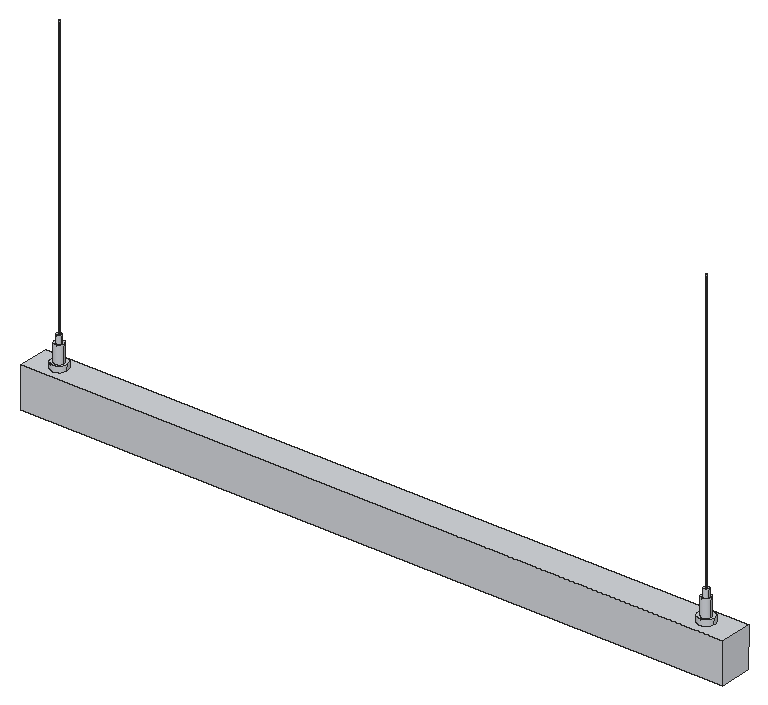
Revit family "TECHOLED BX2 SERIES LIGHTING FIXTURE", category Lighting Fixtures, Revit 2019
Family settings
  Round Connector Dimension = Use Diameter
  Part Type = Normal
  OmniClass Number = 23.80.70.00
  OmniClass Title = Lighting
  Work Plane-Based = No
  Always vertical = Yes
  Cut with Voids When Loaded = No
  Light Source = Yes
  Shared = No
  Room Calculation Point = No
Parameters (values of type "TechoLED-BX-2-D-4-31-30-U-D")
  Wattage Comments = "18W"
  Wattage = 12.1178 W
  built-in parameter 1150110 = 1 (stored number, unit not read)
  Type Comments = "TechoLED-BX2"
  built-in parameter 1114217 = 1 (stored number, unit not read)
  built-in parameter 1150109 = 1 (stored number, unit not read)
  built-in parameter 1150134 = (empty or 0)
  built-in parameter 1150113 = 1 (stored number, unit not read)
  String Length = 2' - 0"
  Model = "TechoLED-BX-2-D-4-18-35-U-W-P-D"
  Manufacturer = "TechoLED"
  Lumens = 1800 lm
  built-in parameter 1150115 = 1 (stored number, unit not read)
  built-in parameter 1150105 = 572.96 (stored number, unit not read)
  Light Source Symbol Size = 0' - 0 1/2"
  built-in parameter 1150137 = (empty or 0)
  built-in parameter 1150139 = (empty or 0)
  built-in parameter 1150112 = 1 (stored number, unit not read)
  built-in parameter 1150114 = 1 (stored number, unit not read)
  Lamp = "Samsung LED Chips"
  built-in parameter 1150132 = 2
  built-in parameter 1150102 = (empty or 0)
  built-in parameter 1150138 = (empty or 0)
  built-in parameter 1150107 = 3500 (stored number, unit not read)
  built-in parameter 1150106 = 5.7296 (stored number, unit not read)
  Emit from Rectangle Width = 0' - 2 11/64"
  Emit from Rectangle Length = 4' - 0"
  Emit Shape Visible in Rendering = no
  built-in parameter 1150104 = 13.8 (stored number, unit not read)
  Dimming Lamp Color Temperature Shift = <None>
  Color Filter = 16777215
  C = 4' - 0"
  built-in parameter 1114218 = 1 (stored number, unit not read)
  B = 0' - 2 11/64"
  built-in parameter 1150133 = 10 (stored number, unit not read)
  Apparent Load = 18 VA
  A = 0' - 2 195/256"
Reference planes (in)
  plane 1 "Light Source Axis (F/B)": y = 0
  plane 2: z = 0
  plane 3 "Light Source Axis (L/R)": x = 0
  plane 4 "Light Source Elevation": z = 54
  plane 5: x = 24
  plane 6: x = -24
  plane 7: y = 1.08594
  plane 8: y = -1.08594
  plane 9: z = 56.76172
  plane 10: x = -22.75
  plane 11: x = 22.75
  plane 12: z = 78
Forms (in)
  Extrusion 1, solid
    sketch origin (0, 0, 0) x (0, 1, 0) y (0, 0, 1)
      loop
        line (1.08594, 56.76172) -> (-1.08594, 56.76172) -> (-1.08594, 54) -> (1.08594, 54) -> (1.08594, 56.76172)
    from -24 to 24
  Extrusion 2, solid
    sketch origin (0, 0, 0) x (1, 0, 0) y (0, 1, 0)
      loop
        circle (21.99831, 0) r 0.54269
    from 56.76172 to 57.12138
  Extrusion 3, solid
    sketch origin (0, 0, 0) x (1, 0, 0) y (0, 1, 0)
      loop
        circle (21.99831, 0) r 0.32135
    from 57.12138 to 58.28177
  Extrusion 4, solid
    sketch origin (0, 0, 0) x (1, 0, 0) y (0, 1, 0)
      loop
        circle (21.99831, 0) r 0.1624
    from 58.78755 to 58.28177
  Extrusion 5, solid
    sketch origin (0, 0, 0) x (1, 0, 0) y (0, 1, 0)
      loop
        circle (21.99831, 0) r 0.04222
    from 58.78755 to 78
  Extrusion 6, solid
    sketch origin (-20.20562, 0, 0) x (1, 0, 0) y (0, 1, 0)
      loop
        circle (-2.00169, 0) r 0.54269
    from 56.76172 to 57.12138
  Extrusion 7, solid
    sketch origin (-20.20562, 0, 0) x (1, 0, 0) y (0, 1, 0)
      loop
        circle (-2.00169, 0) r 0.32135
    from 57.12138 to 58.28177
  Extrusion 8, solid
    sketch origin (-20.20562, 0, 0) x (1, 0, 0) y (0, 1, 0)
      loop
        circle (-2.00169, 0) r 0.1624
    from 58.78755 to 58.28177
  Extrusion 9, solid
    sketch origin (-20.20562, 0, 0) x (1, 0, 0) y (0, 1, 0)
      loop
        circle (-2.00169, 0) r 0.04222
    from 58.78755 to 78
Cuts and joins
  joined: Extrusion 2, Extrusion 3, Extrusion 4
Dimensions and locks (in)
  equal spacing: plane 5, plane 3 "Light Source Axis (L/R)", plane 6
  "C": plane 5 to plane 6
  "A": plane 9 to plane 4 "Light Source Elevation"
  equal spacing: plane 7, plane 1 "Light Source Axis (F/B)", plane 8
  "B": plane 7 to plane 8
  plane 8 to plane 7 = 0' - 2 11/64"
  "String Length": plane 12 to plane 4 "Light Source Elevation"
  plane 10 to plane 6 = 0' - 1 1/4"
  plane 5 to plane 11 = 0' - 1 1/4"
  aligned and locked: plane 3 "Light Source Axis (L/R)" to imposter light
  aligned and locked: plane 1 "Light Source Axis (F/B)" to imposter light
  aligned and locked: plane 4 "Light Source Elevation" to imposter light
  aligned and locked: level to plane 2
  aligned and locked: plane 8 to Extrusion 1
  aligned and locked: Extrusion 1 to plane 7
  aligned and locked: Extrusion 1 to plane 6
  aligned and locked: plane 5 to Extrusion 1
  aligned and locked: Extrusion 2 to plane 9
  aligned and locked: Extrusion 3 to Extrusion 2
  aligned and locked: Extrusion 4 to Extrusion 3
  aligned and locked: Extrusion 5 to cut or joined group of Extrusion 2, Extrusion 3, Extrusion 4
  aligned and locked: Extrusion 7 to Extrusion 6
  aligned and locked: Extrusion 8 to Extrusion 7
  aligned and locked: plane 12 to Extrusion 5
  aligned and locked: plane 12 to Extrusion 9
Automatic sketch dimensions
  Extrusion 1 sketch curve to plane 8 = 0' - 0"
  plane 4 "Light Source Elevation" to Extrusion 1 sketch curve = 0' - 0"
  Extrusion 1 sketch curve to plane 7 = 0' - 0"
  Extrusion 1 sketch curve to plane 9 = 0' - 0"
  plane 1 "Light Source Axis (F/B)" to Extrusion 2 sketch curve = 0' - 0"
  Extrusion 2 sketch curve to plane 11 = 0' - 0.75169"
  plane 1 "Light Source Axis (F/B)" to Extrusion 3 sketch curve = 0' - 0"
  Extrusion 3 sketch curve to plane 11 = 0' - 0.75169"
  plane 1 "Light Source Axis (F/B)" to Extrusion 4 sketch curve = 0' - 0"
  Extrusion 4 sketch curve to plane 11 = 0' - 0.75169"
  plane 1 "Light Source Axis (F/B)" to Extrusion 5 sketch curve = 0' - 0"
  Extrusion 5 sketch curve to plane 11 = 0' - 0.75169"
  plane 1 "Light Source Axis (F/B)" to Extrusion 6 sketch curve = 0' - 0"
  plane 10 to Extrusion 6 sketch curve = 0' - 0.54269"
  plane 1 "Light Source Axis (F/B)" to Extrusion 7 sketch curve = 0' - 0"
  plane 10 to Extrusion 7 sketch curve = 0' - 0.54269"
  plane 1 "Light Source Axis (F/B)" to Extrusion 8 sketch curve = 0' - 0"
  plane 10 to Extrusion 8 sketch curve = 0' - 0.54269"
  plane 1 "Light Source Axis (F/B)" to Extrusion 9 sketch curve = 0' - 0"
  plane 10 to Extrusion 9 sketch curve = 0' - 0.54269"
  radius of Extrusion 2 sketch curve = 0' - 0.54269"
  radius of Extrusion 3 sketch curve = 0' - 0.32135"
  radius of Extrusion 4 sketch curve = 0' - 0.1624"
  radius of Extrusion 5 sketch curve = 0' - 0.04222"
  radius of Extrusion 6 sketch curve = 0' - 0.54269"
  radius of Extrusion 7 sketch curve = 0' - 0.32135"
  radius of Extrusion 8 sketch curve = 0' - 0.1624"
  radius of Extrusion 9 sketch curve = 0' - 0.04222"
